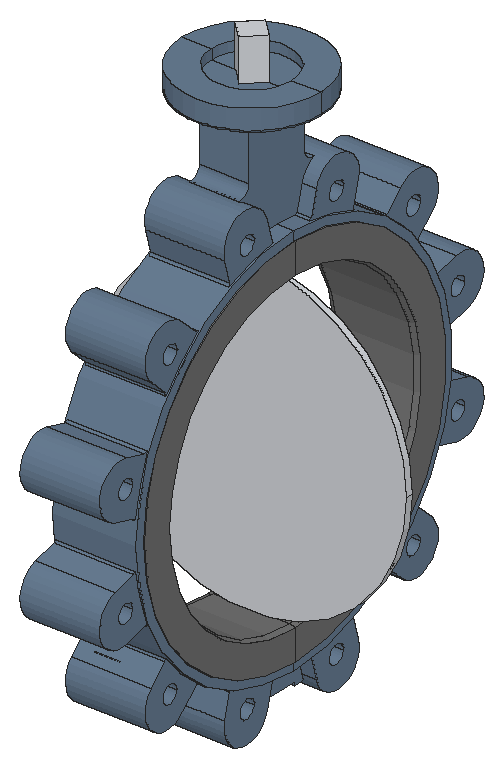
Revit family "Absperr- und Regulierklappe AF-4219", category Rohrzubehör, Revit 2021
Family settings
  Bemaßung runder Anschluss = Durchmesser verwenden
  Teiletyp = Unterbricht
  OmniClass-Nummer = 23.65.55.14
  OmniClass-Titel = Valves for Liquid Services
  Arbeitsebenenbasiert = Nein
  Immer vertikal = Ja
  Beim Laden mit Abzugskörper schneiden = Nein
  Gemeinsam genutzt = Nein
Parameters
  Vorgabe-Ansicht = 0.000 mm
  URL = "www.herz-armaturen.at"
  Spindel = "Edelstahl ASTM-A276 / Type 316"  # constant formula
  Schrauben [instance] = if(Nennweite = 50.000 mm, "4x M16x35", if(Nennweite = 65.000 mm, "4x M16x35", if(Nennweite = 80.000 mm, "8x M16x35", if(Nennweite = 100.000 mm, "8x M16x40", if(Nennweite = 125.000 mm, "8x M16x40", if(Nennweite = 150.000 mm, "8x M20x40", if(Nennweite = 200.000 mm, "12x M20x45", if(Nennweite = 250.000 mm, "12x M24x45", "12x M24x45"))))))))  # "12x M24x45"
  SCTWSEQ = "FW;SBT_TYP_FW=\"101\";2"
  SCTWCODE = "04;07;02"  # constant formula
  SCRNSEQ = "ARM;ARM_TYP=\"ALLF\";2"
  SCRNCODE = "05;13;02"  # constant formula
  R99 = 1.500 mm  # constant formula
  R02 [instance] = size_lookup("4219_AF_", "R2", 1.000 mm, Nennweite)  # 37.500 mm
  PN [instance] = size_lookup("4219_AF_", "PN", 16, Nennweite)  # 10
  O-Ring = "EPDM entsprechend ISO 1691"  # constant formula
  Min.Betriebstemperatur = "-20.00 °C bei entsprechender Wasser-Glycolmischung"  # constant formula
  Medium = "Ethylen- und Propyleneglykol kann in einem Mischungsverhältnis zwischen 25 - 50 vol. [%] verwendet werden."
  Max.Betriebstemperatur = 110 °C  # constant formula
  L05 [instance] = size_lookup("4219_AF_", "L5", 1.000 mm, Nennweite)  # 22.000 mm
  L04 [instance] = L01 - 3.500 mm  # 35.500 mm
  L03 [instance] = L01 + 1.500 mm  # 40.500 mm
  L02 [instance] = size_lookup("4219_AF_", "L2", 14.500 mm, Nennweite)  # 30.500 mm
  L01 [instance] = size_lookup("4219_AF_", "L1", 21.500 mm, Nennweite)  # 39.000 mm
  R01 [instance] = size_lookup("4219_AF_", "R1", 44.000 mm, Nennweite)  # 65.000 mm
  Nennweite [instance] = 300.000 mm
  Klappenscheibe = "Edelstahl 1.4408"  # constant formula
  Hersteller = "HERZ Armaturen Ges.m.b.H."  # constant formula
  Hebel DN50-150 = "Stahl, ST14.03"  # constant formula
  Hebel DN200-DN300 = "Stahl, S235 DIN2458/1626"  # constant formula
  H05 [instance] = size_lookup("4219_AF_", "H5", 1.000 mm, Nennweite) + H03  # 39.000 mm
  H04 [instance] = H01 - H03  # 299.000 mm
  H03 [instance] = size_lookup("4219_AF_", "H3", 1.000 mm, Nennweite)  # 9.000 mm
  H02 [instance] = size_lookup("4219_AF_", "H2", 13.000 mm, Nennweite)  # 20.000 mm
  H01 [instance] = size_lookup("4219_AF_", "H1", 125.000 mm, Nennweite)  # 308.000 mm
  Gewicht [instance] = size_lookup("4219_AF_", "Gewicht", 3.8, Nennweite)  # 37.6
  Gehäuseauskleidung = "EPDM entsprechend ISO 1691"  # constant formula
  Gehäuse = "GGG, GJS-400-15/JS1030, entsprechend EN1563"  # constant formula
  Drehmoment in NM [instance] = size_lookup("4219_AF_", "Nm", 20, Nennweite)  # 350
  DN80 [instance] = Nennweite = 80.000 mm  # no
  DN65 [instance] = Nennweite = 65.000 mm  # no
  DN50 [instance] = Nennweite = 50.000 mm  # no
  DN300 [instance] = Nennweite = 300.000 mm  # yes
  DN250 [instance] = Nennweite = 250.000 mm  # no
  DN200 [instance] = Nennweite = 200.000 mm  # no
  DN150 [instance] = Nennweite = 150.000 mm  # no
  DN125 [instance] = Nennweite = 125.000 mm  # no
  DN100 [instance] = Nennweite = 100.000 mm  # no
  D06 [instance] = size_lookup("4219_AF_", "D6", 25.300 mm, Nennweite)  # 146.500 mm
  D05 [instance] = size_lookup("4219_AF_", "D5", 24.500 mm, Nennweite)  # 145.000 mm
  D04 [instance] = D05 + 2.000 mm  # 147.000 mm
  D03 [instance] = size_lookup("4219_AF_", "D3", 35.500 mm, Nennweite)  # 167.500 mm
  D02 [instance] = size_lookup("4219_AF_", "D2", 41.000 mm, Nennweite)  # 175.000 mm
  D01 [instance] = size_lookup("4219_AF_", "D1", 47.000 mm, Nennweite)  # 183.000 mm
  Bestellnummer [instance] = size_lookup("4219_AF_", "Artnr", 421911, Nennweite)  # 1421939
  Anwendungsgebiet = "Geeignet für Flüssigkeiten in der Haustechnik, Kaltwasser, Heißwasser, etc."
  Anschlussflansch = "entsprechend EN1092-2"  # constant formula
Reference planes
  plane 1 "Mitte (Vorne/hinten)": y = 0
  plane 2: z = 0
  plane 3 "Mitte (Links/rechts)": x = 0
Forms (mm)
  Revolve 1, solid, material "Herz-Metall-blau", detail levels fine
    sketch origin (0, 0, 0) x (1, 0, 0) y (0, 0, 1)
      loop
        line (-30.5, 175) -> (-30.5, 167.5) -> (30.5, 167.5) -> (30.5, 175) -> (39, 175) -> (39, 183) -> (-39, 183) -> (-39, 175) -> (-30.5, 175)
      axis (-39, 0) -> (39, 0)
    angle from 0 to 360
  Revolve 2, solid, material "Herz-Metall-blau", detail levels fine
    sketch origin (0, 0, 0) x (1, 0, 0) y (0, 0, 1)
      loop
        line (-65, 308) -> (-65, 289.463)
        arc (-65, 289.463) -> (-64.673, 288.527) -> (-63.833, 288) r 1.5
        line (-63.833, 288) -> (0, 288) -> (0, 299) -> (-37.5, 299) -> (-37.5, 308) -> (-65, 308)
      axis (0, 308) -> (0, 288)
    angle from 0 to 360
  Extrusion 3, solid, material "Herz-Metall-blau", visible <- "DN50", detail levels fine
    sketch origin (0, 0, 0) x (0, 1, 0) y (0, 0, 1)
      loop
        line (56.215, -32.173) -> (43.95, -19.909)
        arc (43.95, -19.909) -> (43.387, -18.793) -> (43.596, -17.56) r 2
        arc (43.596, -17.56) -> (33.234, -33.234) -> (17.56, -43.596) r 47
        arc (17.56, -43.596) -> (18.793, -43.387) -> (19.909, -43.95) r 2
        line (19.909, -43.95) -> (32.173, -56.215)
        arc (32.173, -56.215) -> (56.215, -56.215) -> (56.215, -32.173) r 17
      loop
        arc (-56.215, -32.173) -> (-56.215, -56.215) -> (-32.173, -56.215) r 17
        line (-32.173, -56.215) -> (-19.909, -43.95)
        arc (-19.909, -43.95) -> (-18.793, -43.387) -> (-17.56, -43.596) r 2
        arc (-17.56, -43.596) -> (-33.234, -33.234) -> (-43.596, -17.56) r 47
        arc (-43.596, -17.56) -> (-43.387, -18.793) -> (-43.95, -19.909) r 2
        line (-43.95, -19.909) -> (-56.215, -32.173)
      loop
        arc (56.215, 32.173) -> (56.215, 56.215) -> (32.173, 56.215) r 17
        line (32.173, 56.215) -> (19.909, 43.95)
        arc (19.909, 43.95) -> (18.793, 43.387) -> (17.56, 43.596) r 2
        arc (17.56, 43.596) -> (33.234, 33.234) -> (43.596, 17.56) r 47
        arc (43.596, 17.56) -> (43.387, 18.793) -> (43.95, 19.909) r 2
        line (43.95, 19.909) -> (56.215, 32.173)
      loop
        line (-56.215, 32.173) -> (-43.95, 19.909)
        arc (-43.95, 19.909) -> (-43.387, 18.793) -> (-43.596, 17.56) r 2
        arc (-43.596, 17.56) -> (-33.234, 33.234) -> (-17.56, 43.596) r 47
        arc (-17.56, 43.596) -> (-18.793, 43.387) -> (-19.909, 43.95) r 2
        line (-19.909, 43.95) -> (-32.173, 56.215)
        arc (-32.173, 56.215) -> (-56.215, 56.215) -> (-56.215, 32.173) r 17
      loop
        circle (-44.194, 44.194) r 6.92
      loop
        circle (44.194, 44.194) r 6.92
      loop
        circle (44.194, -44.194) r 6.92
      loop
        circle (-44.194, -44.194) r 6.92
    from -19.5 to 19.5
  Extrusion 4, solid, material "Herz-Metall-blau", visible <- "DN50", detail levels fine
    sketch origin (0, 0, 0) x (0, 1, 0) y (0, 0, 1)
      loop
        line (20, 74.845) -> (20, 112) -> (-20, 112) -> (-20, 74.845)
        arc (-20, 74.845) -> (-26.046, 62.811) -> (-39.31, 60.477) r 15
        arc (-39.31, 60.477) -> (-35.477, 58.789) -> (-32.173, 56.215) r 17
        line (-32.173, 56.215) -> (-19.909, 43.95)
        arc (-19.909, 43.95) -> (-18.793, 43.387) -> (-17.56, 43.596) r 2
        arc (-17.56, 43.596) -> (0, 47) -> (17.56, 43.596) r 47
        arc (17.56, 43.596) -> (18.793, 43.387) -> (19.909, 43.95) r 2
        line (19.909, 43.95) -> (32.173, 56.215)
        arc (32.173, 56.215) -> (35.477, 58.789) -> (39.31, 60.477) r 17
        arc (39.31, 60.477) -> (26.046, 62.811) -> (20, 74.845) r 15
    from -15 to 15
  Extrusion 5, solid, material "Herz-Metall-blau", visible <- "DN50"
    sketch origin (0, 0, 0) x (0, 1, 0) y (0, 0, 1)
      loop
        arc (33.834, -58) -> (34.246, -58.062) -> (34.622, -58.243) r 1.4
        arc (34.622, -58.243) -> (33.35, -57.286) -> (32.173, -56.215) r 17
        line (32.173, -56.215) -> (19.909, -43.95)
        arc (19.909, -43.95) -> (18.793, -43.387) -> (17.56, -43.596) r 2
        arc (17.56, -43.596) -> (0, -47) -> (-17.56, -43.596) r 47
        arc (-17.56, -43.596) -> (-18.793, -43.387) -> (-19.909, -43.95) r 2
        line (-19.909, -43.95) -> (-32.173, -56.215)
        arc (-32.173, -56.215) -> (-33.35, -57.286) -> (-34.622, -58.243) r 17
        arc (-34.622, -58.243) -> (-34.246, -58.062) -> (-33.834, -58) r 1.4
        line (-33.834, -58) -> (-16.963, -58)
        arc (-16.963, -58) -> (-15.575, -58.575) -> (-15, -59.963) r 1.963
        line (-15, -59.963) -> (-15, -61) -> (15, -61) -> (15, -59.963)
        arc (15, -59.963) -> (15.575, -58.575) -> (16.963, -58) r 1.963
        line (16.963, -58) -> (33.834, -58)
    from -15 to 15
  Revolve 6, solid, material "Gummi", detail levels fine
    sketch origin (-134.5, 0, 0) x (1, 0, 0) y (0, 0, 1)
      loop
        line (94, 175) -> (94, 147) -> (99, 145) -> (170, 145) -> (175, 147) -> (175, 175) -> (165, 175) -> (165, 167.5) -> (104, 167.5) -> (104, 175) -> (94, 175)
      axis (94, 0) -> (175, 0)
    angle from 0 to 360
  Extrusion 7, solid, detail levels fine
    sketch origin (0, 0, 0) x (1, 0, 0) y (0, 0, 1)
      loop
        circle (0, 0) r 146.5
    from -2.5 to 2.5
  Extrusion 8, solid, material "Herz-Metall-blau", visible <- "DN65", detail levels fine
    sketch origin (0, -300, 0) x (0, 1, 0) y (0, 0, 1)
      loop
        circle (351.265, 51.265) r 6.92
      loop
        arc (363.286, 39.244) -> (363.286, 63.286) -> (339.244, 63.286) r 17
        line (339.244, 63.286) -> (328.595, 52.636)
        arc (328.595, 52.636) -> (327.499, 52.076) -> (326.282, 52.264) r 2
        arc (326.282, 52.264) -> (341.366, 41.366) -> (352.264, 26.282) r 58.501
        arc (352.264, 26.282) -> (352.087, 27.51) -> (352.656, 28.614) r 2.038
        line (352.656, 28.614) -> (363.286, 39.244)
      loop
        circle (351.265, -51.265) r 6.92
      loop
        line (363.286, -39.244) -> (352.656, -28.614)
        arc (352.656, -28.614) -> (352.087, -27.51) -> (352.264, -26.282) r 2.038
        arc (352.264, -26.282) -> (341.366, -41.366) -> (326.282, -52.264) r 58.501
        arc (326.282, -52.264) -> (327.499, -52.076) -> (328.595, -52.636) r 2
        line (328.595, -52.636) -> (339.244, -63.286)
        arc (339.244, -63.286) -> (363.286, -63.286) -> (363.286, -39.244) r 17
      loop
        circle (248.735, 51.265) r 6.92
      loop
        line (236.714, 39.244) -> (247.344, 28.614)
        arc (247.344, 28.614) -> (247.913, 27.51) -> (247.736, 26.282) r 2.038
        arc (247.736, 26.282) -> (258.634, 41.366) -> (273.718, 52.264) r 58.501
        arc (273.718, 52.264) -> (272.501, 52.076) -> (271.405, 52.636) r 2
        line (271.405, 52.636) -> (260.756, 63.286)
        arc (260.756, 63.286) -> (236.714, 63.286) -> (236.714, 39.244) r 17
      loop
        circle (248.735, -51.265) r 6.92
      loop
        arc (236.714, -39.244) -> (236.714, -63.286) -> (260.756, -63.286) r 17
        line (260.756, -63.286) -> (271.405, -52.636)
        arc (271.405, -52.636) -> (272.501, -52.076) -> (273.718, -52.264) r 2
        arc (273.718, -52.264) -> (258.634, -41.366) -> (247.736, -26.282) r 58.501
        arc (247.736, -26.282) -> (247.913, -27.51) -> (247.344, -28.614) r 2.038
        line (247.344, -28.614) -> (236.714, -39.244)
    from -21 to 21
  Extrusion 9, solid, material "Herz-Metall-blau", visible <- "DN65", detail levels fine
    sketch origin (0, -300, 0) x (0, 1, 0) y (0, 0, 1)
      loop
        line (278, 136.5) -> (278, 78.286)
        arc (278, 78.286) -> (272.889, 69.099) -> (263, 65.53) r 14.984
        line (263, 65.53) -> (257.982, 65.53)
        arc (257.982, 65.53) -> (259.428, 64.481) -> (260.756, 63.286) r 17
        line (260.756, 63.286) -> (271.405, 52.636)
        arc (271.405, 52.636) -> (272.501, 52.076) -> (273.718, 52.264) r 2
        arc (273.718, 52.264) -> (300, 58.5) -> (326.282, 52.264) r 58.5
        arc (326.282, 52.264) -> (327.499, 52.076) -> (328.595, 52.636) r 2
        line (328.595, 52.636) -> (339.244, 63.286)
        arc (339.244, 63.286) -> (340.572, 64.481) -> (342.018, 65.53) r 17
        line (342.018, 65.53) -> (337, 65.53)
        arc (337, 65.53) -> (327.111, 69.099) -> (322, 78.286) r 14.984
        line (322, 78.286) -> (322, 136.5) -> (278, 136.5)
      loop
        arc (260.756, -63.286) -> (259.428, -64.481) -> (257.982, -65.53) r 17
        line (257.982, -65.53) -> (280.029, -65.53)
        arc (280.029, -65.53) -> (281.423, -66.108) -> (282, -67.501) r 1.971
        line (282, -67.501) -> (282, -74) -> (318, -74) -> (318, -67.527)
        arc (318, -67.527) -> (318.585, -66.115) -> (319.997, -65.53) r 1.997
        line (319.997, -65.53) -> (342.018, -65.53)
        arc (342.018, -65.53) -> (340.572, -64.481) -> (339.244, -63.286) r 17
        line (339.244, -63.286) -> (328.595, -52.636)
        arc (328.595, -52.636) -> (327.499, -52.076) -> (326.282, -52.264) r 2
        arc (326.282, -52.264) -> (300, -58.5) -> (273.718, -52.264) r 58.5
        arc (273.718, -52.264) -> (272.501, -52.076) -> (271.405, -52.636) r 2
        line (271.405, -52.636) -> (260.756, -63.286)
    from -18 to 18
  Extrusion 10, solid, material "Herz-Metall-blau", visible <- "DN80", detail levels fine
    sketch origin (0, -300, 0) x (0, 1, 0) y (0, 0, 1)
      loop
        circle (269.385, 73.91) r 6.92
      loop
        arc (285.091, 80.416) -> (262.88, 89.616) -> (253.679, 67.405) r 17
        line (253.679, 67.405) -> (259.513, 53.322)
        arc (259.513, 53.322) -> (259.602, 52.073) -> (258.924, 51.02) r 1.982
        arc (258.924, 51.02) -> (274.934, 60.514) -> (292.968, 65.121) r 65.5
        arc (292.968, 65.121) -> (291.745, 65.388) -> (290.924, 66.335) r 1.984
        line (290.924, 66.335) -> (285.091, 80.416)
      loop
        circle (226.09, 30.615) r 6.92
      loop
        line (219.584, 14.909) -> (233.665, 9.076)
        arc (233.665, 9.076) -> (234.612, 8.255) -> (234.879, 7.032) r 1.984
        arc (234.879, 7.032) -> (239.486, 25.066) -> (248.98, 41.076) r 65.5
        arc (248.98, 41.076) -> (247.927, 40.398) -> (246.678, 40.487) r 1.982
        line (246.678, 40.487) -> (232.595, 46.321)
        arc (232.595, 46.321) -> (210.384, 37.12) -> (219.584, 14.909) r 17
      loop
        circle (269.385, -73.91) r 6.92
      loop
        line (285.091, -80.416) -> (290.924, -66.335)
        arc (290.924, -66.335) -> (291.745, -65.388) -> (292.968, -65.121) r 1.984
        arc (292.968, -65.121) -> (274.934, -60.514) -> (258.924, -51.02) r 65.5
        arc (258.924, -51.02) -> (259.602, -52.073) -> (259.513, -53.322) r 1.982
        line (259.513, -53.322) -> (253.679, -67.405)
        arc (253.679, -67.405) -> (262.88, -89.616) -> (285.091, -80.416) r 17
      loop
        circle (226.09, -30.615) r 6.92
      loop
        arc (219.584, -14.909) -> (210.384, -37.12) -> (232.595, -46.321) r 17
        line (232.595, -46.321) -> (246.678, -40.487)
        arc (246.678, -40.487) -> (247.927, -40.398) -> (248.98, -41.076) r 1.982
        arc (248.98, -41.076) -> (239.486, -25.066) -> (234.879, -7.032) r 65.5
        arc (234.879, -7.032) -> (234.612, -8.255) -> (233.665, -9.076) r 1.984
        line (233.665, -9.076) -> (219.584, -14.909)
      loop
        circle (330.615, 73.91) r 6.92
      loop
        line (314.909, 80.416) -> (309.076, 66.335)
        arc (309.076, 66.335) -> (308.255, 65.388) -> (307.032, 65.121) r 1.984
        arc (307.032, 65.121) -> (325.066, 60.514) -> (341.076, 51.02) r 65.5
        arc (341.076, 51.02) -> (340.398, 52.073) -> (340.487, 53.322) r 1.982
        line (340.487, 53.322) -> (346.321, 67.405)
        arc (346.321, 67.405) -> (337.12, 89.616) -> (314.909, 80.416) r 17
      loop
        circle (373.91, 30.615) r 6.92
      loop
        arc (380.416, 14.909) -> (389.616, 37.12) -> (367.405, 46.321) r 17
        line (367.405, 46.321) -> (353.322, 40.487)
        arc (353.322, 40.487) -> (352.073, 40.398) -> (351.02, 41.076) r 1.982
        arc (351.02, 41.076) -> (360.514, 25.066) -> (365.121, 7.032) r 65.5
        arc (365.121, 7.032) -> (365.388, 8.255) -> (366.335, 9.076) r 1.984
        line (366.335, 9.076) -> (380.416, 14.909)
      loop
        circle (330.615, -73.91) r 6.92
      loop
        arc (314.909, -80.416) -> (337.12, -89.616) -> (346.321, -67.405) r 17
        line (346.321, -67.405) -> (340.487, -53.322)
        arc (340.487, -53.322) -> (340.398, -52.073) -> (341.076, -51.02) r 1.982
        arc (341.076, -51.02) -> (325.066, -60.514) -> (307.032, -65.121) r 65.5
        arc (307.032, -65.121) -> (308.255, -65.388) -> (309.076, -66.335) r 1.984
        line (309.076, -66.335) -> (314.909, -80.416)
      loop
        circle (373.91, -30.615) r 6.92
      loop
        line (380.416, -14.909) -> (366.335, -9.076)
        arc (366.335, -9.076) -> (365.388, -8.255) -> (365.121, -7.032) r 1.984
        arc (365.121, -7.032) -> (360.514, -25.066) -> (351.02, -41.076) r 65.5
        arc (351.02, -41.076) -> (352.073, -40.398) -> (353.322, -40.487) r 1.982
        line (353.322, -40.487) -> (367.405, -46.321)
        arc (367.405, -46.321) -> (389.616, -37.12) -> (380.416, -14.909) r 17
    from -21 to 21
  Extrusion 11, solid, material "Herz-Metall-blau", visible <- "DN80", detail levels fine
    sketch origin (0, -300, 0) x (0, 1, 0) y (0, 0, 1)
      loop
        line (278, 143.5) -> (278, 100.814)
        arc (278, 100.814) -> (275.545, 94.251) -> (269.385, 90.91) r 10
        arc (269.385, 90.91) -> (278.83, 88.045) -> (285.091, 80.416) r 17
        line (285.091, 80.416) -> (290.924, 66.335)
        arc (290.924, 66.335) -> (291.744, 65.388) -> (292.968, 65.121) r 1.984
        arc (292.968, 65.121) -> (300, 65.497) -> (307.032, 65.121) r 66.05
        arc (307.032, 65.121) -> (308.256, 65.388) -> (309.076, 66.335) r 1.984
        line (309.076, 66.335) -> (314.909, 80.416)
        arc (314.909, 80.416) -> (321.17, 88.045) -> (330.615, 90.91) r 17
        arc (330.615, 90.91) -> (324.455, 94.251) -> (322, 100.814) r 10
        line (322, 100.814) -> (322, 143.5) -> (278, 143.5)
      loop
        line (285.091, -80.416) -> (286.5, -80.946) -> (313.5, -80.946) -> (314.89, -80.371) -> (309.076, -66.335)
        arc (309.076, -66.335) -> (308.256, -65.388) -> (307.032, -65.121) r 1.984
        arc (307.032, -65.121) -> (300, -65.497) -> (292.968, -65.121) r 66.05
        arc (292.968, -65.121) -> (291.744, -65.388) -> (290.924, -66.335) r 1.984
        line (290.924, -66.335) -> (285.091, -80.416)
    from -18.5 to 18.5
  Extrusion 12, solid, material "Herz-Metall-blau", visible <- "DN100", detail levels fine
    sketch origin (0, -300, 0) x (0, 1, 0) y (0, 0, 1)
      loop
        circle (265.558, 83.149) r 6.92
      loop
        arc (281.264, 89.655) -> (259.053, 98.855) -> (249.853, 76.644) r 17
        line (249.853, 76.644) -> (255.731, 62.451)
        arc (255.731, 62.451) -> (255.813, 61.14) -> (255.074, 60.055) r 2.025
        arc (255.074, 60.055) -> (271.3, 69.291) -> (289.305, 74.233) r 75
        arc (289.305, 74.233) -> (288.012, 74.478) -> (287.142, 75.464) r 2.027
        line (287.142, 75.464) -> (281.264, 89.655)
      loop
        circle (216.851, 34.442) r 6.92
      loop
        line (210.345, 18.736) -> (224.536, 12.858)
        arc (224.536, 12.858) -> (225.522, 11.988) -> (225.767, 10.695) r 2.027
        arc (225.767, 10.695) -> (230.709, 28.7) -> (239.945, 44.926) r 75
        arc (239.945, 44.926) -> (238.86, 44.187) -> (237.549, 44.269) r 2.025
        line (237.549, 44.269) -> (223.356, 50.147)
        arc (223.356, 50.147) -> (201.145, 40.947) -> (210.345, 18.736) r 17
      loop
        circle (265.558, -83.149) r 6.92
      loop
        line (281.264, -89.655) -> (287.142, -75.464)
        arc (287.142, -75.464) -> (288.012, -74.478) -> (289.305, -74.233) r 2.027
        arc (289.305, -74.233) -> (271.3, -69.291) -> (255.074, -60.055) r 75
        arc (255.074, -60.055) -> (255.813, -61.14) -> (255.731, -62.451) r 2.025
        line (255.731, -62.451) -> (249.853, -76.644)
        arc (249.853, -76.644) -> (259.053, -98.855) -> (281.264, -89.655) r 17
      loop
        circle (216.851, -34.442) r 6.92
      loop
        arc (210.345, -18.736) -> (201.145, -40.947) -> (223.356, -50.147) r 17
        line (223.356, -50.147) -> (237.549, -44.269)
        arc (237.549, -44.269) -> (238.86, -44.187) -> (239.945, -44.926) r 2.025
        arc (239.945, -44.926) -> (230.709, -28.7) -> (225.767, -10.695) r 75
        arc (225.767, -10.695) -> (225.522, -11.988) -> (224.536, -12.858) r 2.027
        line (224.536, -12.858) -> (210.345, -18.736)
      loop
        circle (334.442, 83.149) r 6.92
      loop
        line (318.736, 89.655) -> (312.858, 75.464)
        arc (312.858, 75.464) -> (311.988, 74.478) -> (310.695, 74.233) r 2.027
        arc (310.695, 74.233) -> (328.7, 69.291) -> (344.926, 60.055) r 75
        arc (344.926, 60.055) -> (344.187, 61.14) -> (344.269, 62.451) r 2.025
        line (344.269, 62.451) -> (350.147, 76.644)
        arc (350.147, 76.644) -> (340.947, 98.855) -> (318.736, 89.655) r 17
      loop
        circle (383.149, 34.442) r 6.92
      loop
        arc (389.655, 18.736) -> (398.855, 40.947) -> (376.644, 50.147) r 17
        line (376.644, 50.147) -> (362.451, 44.269)
        arc (362.451, 44.269) -> (361.14, 44.187) -> (360.055, 44.926) r 2.025
        arc (360.055, 44.926) -> (369.291, 28.7) -> (374.233, 10.695) r 75
        arc (374.233, 10.695) -> (374.478, 11.988) -> (375.464, 12.858) r 2.027
        line (375.464, 12.858) -> (389.655, 18.736)
      loop
        circle (334.442, -83.149) r 6.92
      loop
        arc (318.736, -89.655) -> (340.947, -98.855) -> (350.147, -76.644) r 17
        line (350.147, -76.644) -> (344.269, -62.451)
        arc (344.269, -62.451) -> (344.187, -61.14) -> (344.926, -60.055) r 2.025
        arc (344.926, -60.055) -> (328.7, -69.291) -> (310.695, -74.233) r 75
        arc (310.695, -74.233) -> (311.988, -74.478) -> (312.858, -75.464) r 2.027
        line (312.858, -75.464) -> (318.736, -89.655)
      loop
        circle (383.149, -34.442) r 6.92
      loop
        line (389.655, -18.736) -> (375.464, -12.858)
        arc (375.464, -12.858) -> (374.478, -11.988) -> (374.233, -10.695) r 2.027
        arc (374.233, -10.695) -> (369.291, -28.7) -> (360.055, -44.926) r 75
        arc (360.055, -44.926) -> (361.14, -44.187) -> (362.451, -44.269) r 2.025
        line (362.451, -44.269) -> (376.644, -50.147)
        arc (376.644, -50.147) -> (398.855, -40.947) -> (389.655, -18.736) r 17
    from -24 to 24
  Extrusion 13, solid, material "Herz-Metall-blau", visible <- "DN100", detail levels fine
    sketch origin (0, -300, 0) x (0, 1, 0) y (0, 0, 1)
      loop
        line (274, 167) -> (274, 114.47)
        arc (274, 114.47) -> (270.644, 105.014) -> (262.078, 99.789) r 15
        arc (262.078, 99.789) -> (273.498, 98.181) -> (281.264, 89.655) r 17
        line (281.264, 89.655) -> (287.142, 75.464)
        arc (287.142, 75.464) -> (288.012, 74.478) -> (289.305, 74.233) r 2.027
        arc (289.305, 74.233) -> (300, 75) -> (310.695, 74.233) r 75
        arc (310.695, 74.233) -> (311.988, 74.478) -> (312.858, 75.464) r 2.027
        line (312.858, 75.464) -> (318.736, 89.655)
        arc (318.736, 89.655) -> (326.502, 98.181) -> (337.922, 99.789) r 17
        arc (337.922, 99.789) -> (329.356, 105.014) -> (326, 114.47) r 15
        line (326, 114.47) -> (326, 167) -> (274, 167)
      loop
        line (286.5, -93) -> (313.5, -93) -> (313.5, -96) -> (323.312, -96)
        arc (323.312, -96) -> (320.654, -93.094) -> (318.736, -89.655) r 17
        line (318.736, -89.655) -> (312.858, -75.464)
        arc (312.858, -75.464) -> (311.988, -74.478) -> (310.695, -74.233) r 2.027
        arc (310.695, -74.233) -> (300, -75) -> (289.305, -74.233) r 75
        arc (289.305, -74.233) -> (288.012, -74.478) -> (287.142, -75.464) r 2.027
        line (287.142, -75.464) -> (281.264, -89.655)
        arc (281.264, -89.655) -> (279.346, -93.094) -> (276.688, -96) r 17
        line (276.688, -96) -> (286.5, -96) -> (286.5, -93)
    from -18 to 18
  Extrusion 14, solid, material "Herz-Metall-blau", visible <- "DN125", detail levels fine
    sketch origin (0, -300, 0) x (0, 1, 0) y (0, 0, 1)
      loop
        circle (259.818, 97.007) r 6.92
      loop
        arc (275.524, 103.513) -> (253.313, 112.713) -> (244.112, 90.502) r 17
        line (244.112, 90.502) -> (249.217, 78.179)
        arc (249.217, 78.179) -> (249.286, 76.825) -> (248.485, 75.731) r 2.023
        arc (248.485, 75.731) -> (264.902, 84.594) -> (282.772, 89.957) r 91.852
        arc (282.772, 89.957) -> (281.505, 90.18) -> (280.649, 91.141) r 1.958
        line (280.649, 91.141) -> (275.524, 103.513)
      loop
        circle (202.993, 40.182) r 6.92
      loop
        line (196.487, 24.476) -> (208.859, 19.351)
        arc (208.859, 19.351) -> (209.82, 18.495) -> (210.043, 17.228) r 1.958
        arc (210.043, 17.228) -> (215.406, 35.098) -> (224.269, 51.515) r 91.852
        arc (224.269, 51.515) -> (223.175, 50.714) -> (221.821, 50.783) r 2.023
        line (221.821, 50.783) -> (209.498, 55.888)
        arc (209.498, 55.888) -> (187.287, 46.687) -> (196.487, 24.476) r 17
      loop
        circle (259.818, -97.007) r 6.92
      loop
        line (275.524, -103.513) -> (280.649, -91.141)
        arc (280.649, -91.141) -> (281.505, -90.18) -> (282.772, -89.957) r 1.958
        arc (282.772, -89.957) -> (264.902, -84.594) -> (248.485, -75.731) r 91.852
        arc (248.485, -75.731) -> (249.286, -76.825) -> (249.217, -78.179) r 2.023
        line (249.217, -78.179) -> (244.112, -90.502)
        arc (244.112, -90.502) -> (253.313, -112.713) -> (275.524, -103.513) r 17
      loop
        circle (202.993, -40.182) r 6.92
      loop
        arc (196.487, -24.476) -> (187.287, -46.687) -> (209.498, -55.888) r 17
        line (209.498, -55.888) -> (221.821, -50.783)
        arc (221.821, -50.783) -> (223.175, -50.714) -> (224.269, -51.515) r 2.023
        arc (224.269, -51.515) -> (215.406, -35.098) -> (210.043, -17.228) r 91.852
        arc (210.043, -17.228) -> (209.82, -18.495) -> (208.859, -19.351) r 1.958
        line (208.859, -19.351) -> (196.487, -24.476)
      loop
        circle (340.182, 97.007) r 6.92
      loop
        line (324.476, 103.513) -> (319.351, 91.141)
        arc (319.351, 91.141) -> (318.495, 90.18) -> (317.228, 89.957) r 1.958
        arc (317.228, 89.957) -> (335.098, 84.594) -> (351.515, 75.731) r 91.852
        arc (351.515, 75.731) -> (350.714, 76.825) -> (350.783, 78.179) r 2.023
        line (350.783, 78.179) -> (355.888, 90.502)
        arc (355.888, 90.502) -> (346.687, 112.713) -> (324.476, 103.513) r 17
      loop
        circle (397.007, 40.182) r 6.92
      loop
        arc (403.513, 24.476) -> (412.713, 46.687) -> (390.502, 55.888) r 17
        line (390.502, 55.888) -> (378.179, 50.783)
        arc (378.179, 50.783) -> (376.825, 50.714) -> (375.731, 51.515) r 2.023
        arc (375.731, 51.515) -> (384.594, 35.098) -> (389.957, 17.228) r 91.852
        arc (389.957, 17.228) -> (390.18, 18.495) -> (391.141, 19.351) r 1.958
        line (391.141, 19.351) -> (403.513, 24.476)
      loop
        circle (340.182, -97.007) r 6.92
      loop
        arc (324.476, -103.513) -> (346.687, -112.713) -> (355.888, -90.502) r 17
        line (355.888, -90.502) -> (350.783, -78.179)
        arc (350.783, -78.179) -> (350.714, -76.825) -> (351.515, -75.731) r 2.023
        arc (351.515, -75.731) -> (335.098, -84.594) -> (317.228, -89.957) r 91.852
        arc (317.228, -89.957) -> (318.495, -90.18) -> (319.351, -91.141) r 1.958
        line (319.351, -91.141) -> (324.476, -103.513)
      loop
        circle (397.007, -40.182) r 6.92
      loop
        line (403.513, -24.476) -> (391.141, -19.351)
        arc (391.141, -19.351) -> (390.18, -18.495) -> (389.957, -17.228) r 1.958
        arc (389.957, -17.228) -> (384.594, -35.098) -> (375.731, -51.515) r 91.852
        arc (375.731, -51.515) -> (376.825, -50.714) -> (378.179, -50.783) r 2.023
        line (378.179, -50.783) -> (390.502, -55.888)
        arc (390.502, -55.888) -> (412.713, -46.687) -> (403.513, -24.476) r 17
    from -26 to 26
  Extrusion 15, solid, material "Herz-Metall-blau", visible <- "DN125", detail levels fine
    sketch origin (0, -300, 0) x (0, 1, 0) y (0, 0, 1)
      loop
        line (273.999, 186) -> (273.95, 123.689)
        arc (273.95, 123.689) -> (270.458, 116.096) -> (262.42, 113.807) r 10
        arc (262.42, 113.807) -> (270.32, 110.376) -> (275.524, 103.513) r 17
        line (275.524, 103.513) -> (280.649, 91.141)
        arc (280.649, 91.141) -> (281.528, 90.167) -> (282.825, 89.967) r 1.958
        arc (282.825, 89.967) -> (299.999, 91.589) -> (317.173, 89.967) r 91.7
        arc (317.173, 89.967) -> (318.469, 90.167) -> (319.348, 91.141) r 1.958
        line (319.348, 91.141) -> (324.473, 103.513)
        arc (324.473, 103.513) -> (329.677, 110.376) -> (337.577, 113.807) r 17
        arc (337.577, 113.807) -> (329.539, 116.096) -> (325.999, 123.689) r 10
        line (325.999, 123.689) -> (325.999, 186) -> (273.999, 186)
      loop
        line (286.499, -110.51) -> (313.499, -110.51) -> (313.499, -113.51) -> (336.099, -113.51)
        arc (336.099, -113.51) -> (329.095, -109.897) -> (324.473, -103.513) r 17
        line (324.473, -103.513) -> (319.348, -91.141)
        arc (319.348, -91.141) -> (318.469, -90.167) -> (317.173, -89.967) r 1.958
        arc (317.173, -89.967) -> (299.999, -91.589) -> (282.825, -89.967) r 91.7
        arc (282.825, -89.967) -> (281.528, -90.167) -> (280.649, -91.141) r 1.958
        line (280.649, -91.141) -> (275.524, -103.513)
        arc (275.524, -103.513) -> (270.902, -109.897) -> (263.898, -113.51) r 17
        line (263.898, -113.51) -> (286.499, -113.51) -> (286.499, -110.51)
    from -18 to 18
  Extrusion 16, solid, material "Herz-Metall-blau", visible <- "DN150", detail levels fine
    sketch origin (0, -300, 0) x (0, 1, 0) y (0, 0, 1)
      loop
        circle (254.078, 110.866) r 8.645
      loop
        arc (273.479, 118.902) -> (246.042, 130.267) -> (234.677, 102.829) r 21
        line (234.677, 102.829) -> (241.591, 86.136)
        arc (241.591, 86.136) -> (241.664, 84.82) -> (240.899, 83.746) r 1.993
        arc (240.899, 83.746) -> (260.776, 94.698) -> (282.575, 101.008) r 102.504
        arc (282.575, 101.008) -> (281.263, 101.248) -> (280.379, 102.246) r 2.042
        line (280.379, 102.246) -> (273.479, 118.902)
      loop
        circle (189.134, 45.922) r 8.645
      loop
        line (181.098, 26.521) -> (197.754, 19.621)
        arc (197.754, 19.621) -> (198.752, 18.737) -> (198.992, 17.425) r 2.042
        arc (198.992, 17.425) -> (205.302, 39.224) -> (216.254, 59.101) r 102.504
        arc (216.254, 59.101) -> (215.18, 58.336) -> (213.864, 58.409) r 1.993
        line (213.864, 58.409) -> (197.171, 65.323)
        arc (197.171, 65.323) -> (169.733, 53.958) -> (181.098, 26.521) r 21
      loop
        circle (254.078, -110.866) r 8.645
      loop
        line (273.479, -118.902) -> (280.379, -102.246)
        arc (280.379, -102.246) -> (281.263, -101.248) -> (282.575, -101.008) r 2.042
        arc (282.575, -101.008) -> (260.776, -94.698) -> (240.899, -83.746) r 102.504
        arc (240.899, -83.746) -> (241.664, -84.82) -> (241.591, -86.136) r 1.993
        line (241.591, -86.136) -> (234.677, -102.829)
        arc (234.677, -102.829) -> (246.042, -130.267) -> (273.479, -118.902) r 21
      loop
        circle (189.134, -45.922) r 8.645
      loop
        arc (181.098, -26.521) -> (169.733, -53.958) -> (197.171, -65.323) r 21
        line (197.171, -65.323) -> (213.864, -58.409)
        arc (213.864, -58.409) -> (215.18, -58.336) -> (216.254, -59.101) r 1.993
        arc (216.254, -59.101) -> (205.302, -39.224) -> (198.992, -17.425) r 102.504
        arc (198.992, -17.425) -> (198.752, -18.737) -> (197.754, -19.621) r 2.042
        line (197.754, -19.621) -> (181.098, -26.521)
      loop
        circle (345.922, 110.866) r 8.645
      loop
        line (326.521, 118.902) -> (319.621, 102.246)
        arc (319.621, 102.246) -> (318.737, 101.248) -> (317.425, 101.008) r 2.042
        arc (317.425, 101.008) -> (339.224, 94.698) -> (359.101, 83.746) r 102.504
        arc (359.101, 83.746) -> (358.336, 84.82) -> (358.409, 86.136) r 1.993
        line (358.409, 86.136) -> (365.323, 102.829)
        arc (365.323, 102.829) -> (353.958, 130.267) -> (326.521, 118.902) r 21
      loop
        circle (410.866, 45.922) r 8.645
      loop
        arc (418.902, 26.521) -> (430.267, 53.958) -> (402.829, 65.323) r 21
        line (402.829, 65.323) -> (386.136, 58.409)
        arc (386.136, 58.409) -> (384.82, 58.336) -> (383.746, 59.101) r 1.993
        arc (383.746, 59.101) -> (394.698, 39.224) -> (401.008, 17.425) r 102.504
        arc (401.008, 17.425) -> (401.248, 18.737) -> (402.246, 19.621) r 2.042
        line (402.246, 19.621) -> (418.902, 26.521)
      loop
        circle (345.922, -110.866) r 8.645
      loop
        arc (326.521, -118.902) -> (353.958, -130.267) -> (365.323, -102.829) r 21
        line (365.323, -102.829) -> (358.409, -86.136)
        arc (358.409, -86.136) -> (358.336, -84.82) -> (359.101, -83.746) r 1.993
        arc (359.101, -83.746) -> (339.224, -94.698) -> (317.425, -101.008) r 102.504
        arc (317.425, -101.008) -> (318.737, -101.248) -> (319.621, -102.246) r 2.042
        line (319.621, -102.246) -> (326.521, -118.902)
      loop
        circle (410.866, -45.922) r 8.645
      loop
        line (418.902, -26.521) -> (402.246, -19.621)
        arc (402.246, -19.621) -> (401.248, -18.737) -> (401.008, -17.425) r 2.042
        arc (401.008, -17.425) -> (394.698, -39.224) -> (383.746, -59.101) r 102.504
        arc (383.746, -59.101) -> (384.82, -58.336) -> (386.136, -58.409) r 1.993
        line (386.136, -58.409) -> (402.829, -65.323)
        arc (402.829, -65.323) -> (430.267, -53.958) -> (418.902, -26.521) r 21
    from -26 to 26
  Extrusion 17, solid, material "Herz-Metall-blau", visible <- "DN150", detail levels fine
    sketch origin (0, -300, 0) x (0, 1, 0) y (0, 0, 1)
      loop
        line (274, 199) -> (274, 135)
        arc (274, 135) -> (272.527, 129.776) -> (268.541, 126.091) r 10
        arc (268.541, 126.091) -> (271.388, 122.755) -> (273.479, 118.902) r 21
        line (273.479, 118.902) -> (280.379, 102.246)
        arc (280.379, 102.246) -> (281.28, 101.239) -> (282.612, 101.014) r 2.042
        arc (282.612, 101.014) -> (300, 102.5) -> (317.388, 101.014) r 102.5
        arc (317.388, 101.014) -> (318.72, 101.239) -> (319.621, 102.246) r 2.042
        line (319.621, 102.246) -> (326.521, 118.902)
        arc (326.521, 118.902) -> (328.612, 122.755) -> (331.459, 126.091) r 21
        arc (331.459, 126.091) -> (327.473, 129.776) -> (326, 135) r 10
        line (326, 135) -> (326, 199) -> (274, 199)
      loop
        line (286.5, -122.5) -> (313.5, -122.5) -> (313.5, -125.5) -> (330.861, -125.5)
        arc (330.861, -125.5) -> (328.378, -122.407) -> (326.521, -118.902) r 21
        line (326.521, -118.902) -> (319.621, -102.246)
        arc (319.621, -102.246) -> (318.72, -101.239) -> (317.388, -101.014) r 2.042
        arc (317.388, -101.014) -> (300, -102.5) -> (282.612, -101.014) r 102.5
        arc (282.612, -101.014) -> (281.28, -101.239) -> (280.379, -102.246) r 2.042
        line (280.379, -102.246) -> (273.479, -118.902)
        arc (273.479, -118.902) -> (271.622, -122.407) -> (269.139, -125.5) r 21
        line (269.139, -125.5) -> (286.5, -125.5) -> (286.5, -122.5)
    from -18 to 18
  Extrusion 18, solid, material "Herz-Metall-blau", visible <- "DN200", detail levels fine
    sketch origin (0, -400, 0) x (0, 1, 0) y (0, 0, 1)
      loop
        circle (361.824, 142.474) r 8.645
      loop
        arc (382.109, 147.909) -> (356.389, 162.759) -> (341.54, 137.039) r 21
        line (341.54, 137.039) -> (345.801, 121.136)
        arc (345.801, 121.136) -> (345.679, 119.74) -> (344.688, 118.75) r 2.048
        arc (344.688, 118.75) -> (366.062, 126.527) -> (388.459, 130.491) r 131
        arc (388.459, 130.491) -> (387.159, 130.838) -> (386.388, 131.939) r 1.965
        line (386.388, 131.939) -> (382.109, 147.909)
      loop
        circle (257.526, 38.176) r 8.645
      loop
        line (252.091, 17.891) -> (268.061, 13.612)
        arc (268.061, 13.612) -> (269.162, 12.841) -> (269.509, 11.541) r 1.965
        arc (269.509, 11.541) -> (273.473, 33.938) -> (281.25, 55.312) r 131
        arc (281.25, 55.312) -> (280.26, 54.321) -> (278.864, 54.199) r 2.048
        line (278.864, 54.199) -> (262.961, 58.46)
        arc (262.961, 58.46) -> (237.241, 43.611) -> (252.091, 17.891) r 21
      loop
        circle (295.702, 104.298) r 8.645
      loop
        line (280.853, 89.449) -> (292.543, 77.758)
        arc (292.543, 77.758) -> (293.111, 76.539) -> (292.762, 75.24) r 1.965
        arc (292.762, 75.24) -> (307.393, 92.655) -> (324.816, 107.277) r 131
        arc (324.816, 107.277) -> (323.463, 106.914) -> (322.193, 107.506) r 2.048
        line (322.193, 107.506) -> (310.551, 119.147)
        arc (310.551, 119.147) -> (280.853, 119.147) -> (280.853, 89.449) r 21
      loop
        circle (361.824, -142.474) r 8.645
      loop
        line (382.109, -147.909) -> (386.388, -131.939)
        arc (386.388, -131.939) -> (387.159, -130.838) -> (388.459, -130.491) r 1.965
        arc (388.459, -130.491) -> (366.062, -126.527) -> (344.688, -118.75) r 131
        arc (344.688, -118.75) -> (345.679, -119.74) -> (345.801, -121.136) r 2.048
        line (345.801, -121.136) -> (341.54, -137.039)
        arc (341.54, -137.039) -> (356.389, -162.759) -> (382.109, -147.909) r 21
      loop
        circle (257.526, -38.176) r 8.645
      loop
        arc (252.091, -17.891) -> (237.241, -43.611) -> (262.961, -58.46) r 21
        line (262.961, -58.46) -> (278.864, -54.199)
        arc (278.864, -54.199) -> (280.26, -54.321) -> (281.25, -55.312) r 2.048
        arc (281.25, -55.312) -> (273.473, -33.938) -> (269.509, -11.541) r 131
        arc (269.509, -11.541) -> (269.162, -12.841) -> (268.061, -13.612) r 1.965
        line (268.061, -13.612) -> (252.091, -17.891)
      loop
        circle (295.702, -104.298) r 8.645
      loop
        arc (280.853, -89.449) -> (280.853, -119.147) -> (310.551, -119.147) r 21
        line (310.551, -119.147) -> (322.193, -107.506)
        arc (322.193, -107.506) -> (323.463, -106.914) -> (324.816, -107.277) r 2.048
        arc (324.816, -107.277) -> (307.393, -92.655) -> (292.762, -75.24) r 131
        arc (292.762, -75.24) -> (293.111, -76.539) -> (292.543, -77.758) r 1.965
        line (292.543, -77.758) -> (280.853, -89.449)
      loop
        circle (438.176, 142.474) r 8.645
      loop
        line (417.891, 147.909) -> (413.612, 131.939)
        arc (413.612, 131.939) -> (412.841, 130.838) -> (411.541, 130.491) r 1.965
        arc (411.541, 130.491) -> (433.938, 126.527) -> (455.312, 118.75) r 131
        arc (455.312, 118.75) -> (454.321, 119.74) -> (454.199, 121.136) r 2.048
        line (454.199, 121.136) -> (458.46, 137.039)
        arc (458.46, 137.039) -> (443.611, 162.759) -> (417.891, 147.909) r 21
      loop
        circle (542.474, 38.176) r 8.645
      loop
        arc (547.909, 17.891) -> (562.759, 43.611) -> (537.039, 58.46) r 21
        line (537.039, 58.46) -> (521.136, 54.199)
        arc (521.136, 54.199) -> (519.74, 54.321) -> (518.75, 55.312) r 2.048
        arc (518.75, 55.312) -> (526.527, 33.938) -> (530.491, 11.541) r 131
        arc (530.491, 11.541) -> (530.838, 12.841) -> (531.939, 13.612) r 1.965
        line (531.939, 13.612) -> (547.909, 17.891)
      loop
        circle (504.298, 104.298) r 8.645
      loop
        arc (519.147, 89.449) -> (519.147, 119.147) -> (489.449, 119.147) r 21
        line (489.449, 119.147) -> (477.807, 107.506)
        arc (477.807, 107.506) -> (476.537, 106.914) -> (475.184, 107.277) r 2.048
        arc (475.184, 107.277) -> (492.607, 92.655) -> (507.238, 75.24) r 131
        arc (507.238, 75.24) -> (506.889, 76.539) -> (507.457, 77.758) r 1.965
        line (507.457, 77.758) -> (519.147, 89.449)
      loop
        circle (438.176, -142.474) r 8.645
      loop
        arc (417.891, -147.909) -> (443.611, -162.759) -> (458.46, -137.039) r 21
        line (458.46, -137.039) -> (454.199, -121.136)
        arc (454.199, -121.136) -> (454.321, -119.74) -> (455.312, -118.75) r 2.048
        arc (455.312, -118.75) -> (433.938, -126.527) -> (411.541, -130.491) r 131
        arc (411.541, -130.491) -> (412.841, -130.838) -> (413.612, -131.939) r 1.965
        line (413.612, -131.939) -> (417.891, -147.909)
      loop
        circle (542.474, -38.176) r 8.645
      loop
        line (547.909, -17.891) -> (531.939, -13.612)
        arc (531.939, -13.612) -> (530.838, -12.841) -> (530.491, -11.541) r 1.965
        arc (530.491, -11.541) -> (526.527, -33.938) -> (518.75, -55.312) r 131
        arc (518.75, -55.312) -> (519.74, -54.321) -> (521.136, -54.199) r 2.048
        line (521.136, -54.199) -> (537.039, -58.46)
        arc (537.039, -58.46) -> (562.759, -43.611) -> (547.909, -17.891) r 21
      loop
        circle (504.298, -104.298) r 8.645
      loop
        line (519.147, -89.449) -> (507.457, -77.758)
        arc (507.457, -77.758) -> (506.889, -76.539) -> (507.238, -75.24) r 1.965
        arc (507.238, -75.24) -> (492.607, -92.655) -> (475.184, -107.277) r 131
        arc (475.184, -107.277) -> (476.537, -106.914) -> (477.807, -107.506) r 2.048
        line (477.807, -107.506) -> (489.449, -119.147)
        arc (489.449, -119.147) -> (519.147, -119.147) -> (519.147, -89.449) r 21
    from -28 to 28
  Extrusion 19, solid, material "Herz-Metall-blau", visible <- "DN200", detail levels fine
    sketch origin (0, -400, 0) x (0, 1, 0) y (0, 0, 1)
      loop
        arc (411.541, 130.491) -> (412.841, 130.838) -> (413.612, 131.939) r 1.965
        line (413.612, 131.939) -> (417.891, 147.909)
        arc (417.891, 147.909) -> (422.597, 156.556) -> (430.727, 162.108) r 21
        arc (430.727, 162.108) -> (428.869, 162.334) -> (428, 163.99) r 2.013
        line (428, 163.99) -> (428, 230) -> (372, 230) -> (372, 163.99)
        arc (372, 163.99) -> (371.131, 162.334) -> (369.273, 162.108) r 2.013
        arc (369.273, 162.108) -> (377.403, 156.556) -> (382.109, 147.909) r 21
        line (382.109, 147.909) -> (386.388, 131.939)
        arc (386.388, 131.939) -> (387.159, 130.838) -> (388.459, 130.491) r 1.965
        arc (388.459, 130.491) -> (400, 131) -> (411.541, 130.491) r 131
      loop
        arc (411.541, -130.491) -> (400, -131) -> (388.459, -130.491) r 131
        arc (388.459, -130.491) -> (387.159, -130.838) -> (386.388, -131.939) r 1.965
        line (386.388, -131.939) -> (382.109, -147.909)
        arc (382.109, -147.909) -> (381.328, -150.259) -> (380.276, -152.5) r 21
        line (380.276, -152.5) -> (419.724, -152.5)
        arc (419.724, -152.5) -> (418.672, -150.259) -> (417.891, -147.909) r 21
        line (417.891, -147.909) -> (413.612, -131.939)
        arc (413.612, -131.939) -> (412.841, -130.838) -> (411.541, -130.491) r 1.965
    from -20 to 20
  Extrusion 20, solid, material "Herz-Metall-blau", visible <- "DN250", detail levels fine
    sketch origin (0, -500, 0) x (0, 1, 0) y (0, 0, 1)
      loop
        circle (454.707, 169.037) r 8.645
      loop
        arc (478.208, 177.922) -> (447.589, 195.6) -> (429.911, 164.981) r 25
        line (429.911, 164.981) -> (435.025, 145.897)
        arc (435.025, 145.897) -> (434.902, 144.5) -> (433.907, 143.512) r 2.044
        arc (433.907, 143.512) -> (458.94, 152.587) -> (485.142, 157.329) r 158
        arc (485.142, 157.329) -> (483.991, 157.793) -> (483.322, 158.837) r 2.043
        line (483.322, 158.837) -> (478.208, 177.922)
      loop
        circle (376.468, 123.866) r 8.645
      loop
        line (357.022, 107.956) -> (370.994, 93.984)
        arc (370.994, 93.984) -> (371.563, 92.882) -> (371.39, 91.654) r 2.043
        arc (371.39, 91.654) -> (388.597, 111.974) -> (408.973, 129.116) r 158
        arc (408.973, 129.116) -> (407.62, 128.749) -> (406.348, 129.34) r 2.044
        line (406.348, 129.34) -> (392.378, 143.311)
        arc (392.378, 143.311) -> (357.022, 143.311) -> (357.022, 107.956) r 25
      loop
        circle (331.268, 45.598) r 8.645
      loop
        line (322.382, 22.097) -> (341.468, 16.983)
        arc (341.468, 16.983) -> (342.512, 16.313) -> (342.976, 15.163) r 2.043
        arc (342.976, 15.163) -> (347.718, 41.365) -> (356.793, 66.398) r 158
        arc (356.793, 66.398) -> (355.804, 65.403) -> (354.408, 65.28) r 2.044
        line (354.408, 65.28) -> (335.323, 70.393)
        arc (335.323, 70.393) -> (304.705, 52.716) -> (322.382, 22.097) r 25
      loop
        circle (454.707, -169.037) r 8.645
      loop
        line (478.208, -177.922) -> (483.322, -158.837)
        arc (483.322, -158.837) -> (483.991, -157.793) -> (485.142, -157.329) r 2.043
        arc (485.142, -157.329) -> (458.94, -152.587) -> (433.907, -143.512) r 158
        arc (433.907, -143.512) -> (434.902, -144.5) -> (435.025, -145.897) r 2.044
        line (435.025, -145.897) -> (429.911, -164.981)
        arc (429.911, -164.981) -> (447.589, -195.6) -> (478.208, -177.922) r 25
      loop
        circle (376.468, -123.866) r 8.645
      loop
        arc (357.022, -107.956) -> (357.022, -143.311) -> (392.378, -143.311) r 25
        line (392.378, -143.311) -> (406.348, -129.34)
        arc (406.348, -129.34) -> (407.62, -128.749) -> (408.973, -129.116) r 2.044
        arc (408.973, -129.116) -> (388.597, -111.974) -> (371.39, -91.654) r 158
        arc (371.39, -91.654) -> (371.563, -92.882) -> (370.994, -93.984) r 2.043
        line (370.994, -93.984) -> (357.022, -107.956)
      loop
        circle (331.268, -45.598) r 8.645
      loop
        arc (322.382, -22.097) -> (304.705, -52.716) -> (335.323, -70.393) r 25
        line (335.323, -70.393) -> (354.408, -65.28)
        arc (354.408, -65.28) -> (355.804, -65.403) -> (356.793, -66.398) r 2.044
        arc (356.793, -66.398) -> (347.718, -41.365) -> (342.976, -15.163) r 158
        arc (342.976, -15.163) -> (342.512, -16.313) -> (341.468, -16.983) r 2.043
        line (341.468, -16.983) -> (322.382, -22.097)
      loop
        circle (545.128, 169.037) r 8.645
      loop
        line (521.626, 177.922) -> (516.513, 158.837)
        arc (516.513, 158.837) -> (515.843, 157.793) -> (514.693, 157.329) r 2.043
        arc (514.693, 157.329) -> (540.894, 152.587) -> (565.927, 143.512) r 158
        arc (565.927, 143.512) -> (564.933, 144.5) -> (564.809, 145.897) r 2.044
        line (564.809, 145.897) -> (569.923, 164.981)
        arc (569.923, 164.981) -> (552.245, 195.6) -> (521.626, 177.922) r 25
      loop
        circle (623.367, 123.866) r 8.645
      loop
        arc (642.812, 107.956) -> (642.812, 143.311) -> (607.457, 143.311) r 25
        line (607.457, 143.311) -> (593.486, 129.34)
        arc (593.486, 129.34) -> (592.215, 128.749) -> (590.862, 129.116) r 2.044
        arc (590.862, 129.116) -> (611.237, 111.974) -> (628.444, 91.654) r 158
        arc (628.444, 91.654) -> (628.271, 92.882) -> (628.841, 93.984) r 2.043
        line (628.841, 93.984) -> (642.812, 107.956)
      loop
        circle (668.567, 45.598) r 8.645
      loop
        arc (677.452, 22.097) -> (695.13, 52.716) -> (664.511, 70.393) r 25
        line (664.511, 70.393) -> (645.426, 65.28)
        arc (645.426, 65.28) -> (644.03, 65.403) -> (643.042, 66.398) r 2.044
        arc (643.042, 66.398) -> (652.116, 41.365) -> (656.858, 15.163) r 158
        arc (656.858, 15.163) -> (657.323, 16.313) -> (658.367, 16.983) r 2.043
        line (658.367, 16.983) -> (677.452, 22.097)
      loop
        circle (545.128, -169.037) r 8.645
      loop
        arc (521.626, -177.922) -> (552.245, -195.6) -> (569.923, -164.981) r 25
        line (569.923, -164.981) -> (564.809, -145.897)
        arc (564.809, -145.897) -> (564.933, -144.5) -> (565.927, -143.512) r 2.044
        arc (565.927, -143.512) -> (540.894, -152.587) -> (514.693, -157.329) r 158
        arc (514.693, -157.329) -> (515.843, -157.793) -> (516.513, -158.837) r 2.043
        line (516.513, -158.837) -> (521.626, -177.922)
      loop
        circle (623.367, -123.866) r 8.645
      loop
        line (642.812, -107.956) -> (628.841, -93.984)
        arc (628.841, -93.984) -> (628.271, -92.882) -> (628.444, -91.654) r 2.043
        arc (628.444, -91.654) -> (611.237, -111.974) -> (590.862, -129.116) r 158
        arc (590.862, -129.116) -> (592.215, -128.749) -> (593.486, -129.34) r 2.044
        line (593.486, -129.34) -> (607.457, -143.311)
        arc (607.457, -143.311) -> (642.812, -143.311) -> (642.812, -107.956) r 25
      loop
        circle (668.567, -45.598) r 8.645
      loop
        line (677.452, -22.097) -> (658.367, -16.983)
        arc (658.367, -16.983) -> (657.323, -16.313) -> (656.858, -15.163) r 2.043
        arc (656.858, -15.163) -> (652.116, -41.365) -> (643.042, -66.398) r 158
        arc (643.042, -66.398) -> (644.03, -65.403) -> (645.426, -65.28) r 2.044
        line (645.426, -65.28) -> (664.511, -70.393)
        arc (664.511, -70.393) -> (695.13, -52.716) -> (677.452, -22.097) r 25
    from -32 to 32
  Extrusion 21, solid, material "Herz-Metall-blau", visible <- "DN250", detail levels fine
    sketch origin (0, -500, 0) x (0, 1, 0) y (0, 0, 1)
      loop
        line (467.917, 263) -> (467.917, 195.639)
        arc (467.917, 195.639) -> (466.995, 193.978) -> (465.097, 193.884) r 1.957
        arc (465.097, 193.884) -> (473.378, 187.32) -> (478.208, 177.922) r 25
        line (478.208, 177.922) -> (483.33, 158.808)
        arc (483.33, 158.808) -> (483.997, 157.776) -> (485.142, 157.329) r 2
        arc (485.142, 157.329) -> (499.917, 158.021) -> (514.693, 157.329) r 158
        arc (514.693, 157.329) -> (515.837, 157.776) -> (516.505, 158.808) r 2
        line (516.505, 158.808) -> (521.626, 177.922)
        arc (521.626, 177.922) -> (526.456, 187.32) -> (534.737, 193.884) r 25
        arc (534.737, 193.884) -> (532.84, 193.978) -> (531.917, 195.639) r 1.957
        line (531.917, 195.639) -> (531.917, 263) -> (467.917, 263)
      loop
        line (478.917, -192.479) -> (520.917, -192.479) -> (520.917, -195.479) -> (538.868, -195.479)
        arc (538.868, -195.479) -> (527.938, -188.969) -> (521.626, -177.922) r 25
        line (521.626, -177.922) -> (516.505, -158.808)
        arc (516.505, -158.808) -> (515.837, -157.776) -> (514.693, -157.329) r 2
        arc (514.693, -157.329) -> (499.917, -158.021) -> (485.142, -157.329) r 158
        arc (485.142, -157.329) -> (483.997, -157.776) -> (483.33, -158.808) r 2
        line (483.33, -158.808) -> (478.208, -177.922)
        arc (478.208, -177.922) -> (471.897, -188.969) -> (460.966, -195.479) r 25
        line (460.966, -195.479) -> (478.917, -195.479) -> (478.917, -192.479)
    from -23 to 23
  Extrusion 22, solid, material "Herz-Metall-blau", visible <- "DN300", detail levels fine
    sketch origin (0, -600, 0) x (0, 1, 0) y (0, 0, 1)
      loop
        circle (548.236, 193.185) r 8.645
      loop
        arc (571.09, 204.485) -> (540.472, 222.163) -> (522.794, 191.544) r 25
        line (522.794, 191.544) -> (528.48, 170.323)
        arc (528.48, 170.323) -> (528.348, 168.926) -> (527.336, 167.955) r 2.013
        arc (527.336, 167.955) -> (552.476, 176.732) -> (578.624, 181.768) r 183
        arc (578.624, 181.768) -> (577.466, 182.19) -> (576.788, 183.22) r 1.96
        line (576.788, 183.22) -> (571.09, 204.485)
      loop
        circle (458.579, 141.421) r 8.645
      loop
        line (437.365, 127.279) -> (452.933, 111.712)
        arc (452.933, 111.712) -> (453.486, 110.61) -> (453.272, 109.396) r 1.96
        arc (453.272, 109.396) -> (470.707, 129.523) -> (490.879, 146.906) r 183
        arc (490.879, 146.906) -> (489.531, 146.515) -> (488.256, 147.1) r 2.013
        line (488.256, 147.1) -> (472.721, 162.635)
        arc (472.721, 162.635) -> (437.365, 162.635) -> (437.365, 127.279) r 25
      loop
        circle (406.815, 51.764) r 8.645
      loop
        line (395.515, 28.91) -> (416.78, 23.212)
        arc (416.78, 23.212) -> (417.81, 22.534) -> (418.232, 21.376) r 1.96
        arc (418.232, 21.376) -> (423.268, 47.524) -> (432.045, 72.664) r 183
        arc (432.045, 72.664) -> (431.074, 71.652) -> (429.677, 71.52) r 2.013
        line (429.677, 71.52) -> (408.456, 77.206)
        arc (408.456, 77.206) -> (377.837, 59.528) -> (395.515, 28.91) r 25
      loop
        circle (548.236, -193.185) r 8.645
      loop
        line (571.09, -204.485) -> (576.788, -183.22)
        arc (576.788, -183.22) -> (577.466, -182.19) -> (578.624, -181.768) r 1.96
        arc (578.624, -181.768) -> (552.476, -176.732) -> (527.336, -167.955) r 183
        arc (527.336, -167.955) -> (528.348, -168.926) -> (528.48, -170.323) r 2.013
        line (528.48, -170.323) -> (522.794, -191.544)
        arc (522.794, -191.544) -> (540.472, -222.163) -> (571.09, -204.485) r 25
      loop
        circle (458.579, -141.421) r 8.645
      loop
        arc (437.365, -127.279) -> (437.365, -162.635) -> (472.721, -162.635) r 25
        line (472.721, -162.635) -> (488.256, -147.1)
        arc (488.256, -147.1) -> (489.531, -146.515) -> (490.879, -146.906) r 2.013
        arc (490.879, -146.906) -> (470.707, -129.523) -> (453.272, -109.396) r 183
        arc (453.272, -109.396) -> (453.486, -110.61) -> (452.933, -111.712) r 1.96
        line (452.933, -111.712) -> (437.365, -127.279)
      loop
        circle (406.815, -51.764) r 8.645
      loop
        arc (395.515, -28.91) -> (377.837, -59.528) -> (408.456, -77.206) r 25
        line (408.456, -77.206) -> (429.677, -71.52)
        arc (429.677, -71.52) -> (431.074, -71.652) -> (432.045, -72.664) r 2.013
        arc (432.045, -72.664) -> (423.268, -47.524) -> (418.232, -21.376) r 183
        arc (418.232, -21.376) -> (417.81, -22.534) -> (416.78, -23.212) r 1.96
        line (416.78, -23.212) -> (395.515, -28.91)
      loop
        circle (651.764, 193.185) r 8.645
      loop
        line (628.91, 204.485) -> (623.212, 183.22)
        arc (623.212, 183.22) -> (622.534, 182.19) -> (621.376, 181.768) r 1.96
        arc (621.376, 181.768) -> (647.524, 176.732) -> (672.664, 167.955) r 183
        arc (672.664, 167.955) -> (671.652, 168.926) -> (671.52, 170.323) r 2.013
        line (671.52, 170.323) -> (677.206, 191.544)
        arc (677.206, 191.544) -> (659.528, 222.163) -> (628.91, 204.485) r 25
      loop
        circle (741.421, 141.421) r 8.645
      loop
        arc (762.635, 127.279) -> (762.635, 162.635) -> (727.279, 162.635) r 25
        line (727.279, 162.635) -> (711.744, 147.1)
        arc (711.744, 147.1) -> (710.469, 146.515) -> (709.121, 146.906) r 2.013
        arc (709.121, 146.906) -> (729.293, 129.523) -> (746.728, 109.396) r 183
        arc (746.728, 109.396) -> (746.514, 110.61) -> (747.067, 111.712) r 1.96
        line (747.067, 111.712) -> (762.635, 127.279)
      loop
        circle (793.185, 51.764) r 8.645
      loop
        arc (804.485, 28.91) -> (822.163, 59.528) -> (791.544, 77.206) r 25
        line (791.544, 77.206) -> (770.323, 71.52)
        arc (770.323, 71.52) -> (768.926, 71.652) -> (767.955, 72.664) r 2.013
        arc (767.955, 72.664) -> (776.732, 47.524) -> (781.768, 21.376) r 183
        arc (781.768, 21.376) -> (782.19, 22.534) -> (783.22, 23.212) r 1.96
        line (783.22, 23.212) -> (804.485, 28.91)
      loop
        circle (651.764, -193.185) r 8.645
      loop
        arc (628.91, -204.485) -> (659.528, -222.163) -> (677.206, -191.544) r 25
        line (677.206, -191.544) -> (671.52, -170.323)
        arc (671.52, -170.323) -> (671.652, -168.926) -> (672.664, -167.955) r 2.013
        arc (672.664, -167.955) -> (647.524, -176.732) -> (621.376, -181.768) r 183
        arc (621.376, -181.768) -> (622.534, -182.19) -> (623.212, -183.22) r 1.96
        line (623.212, -183.22) -> (628.91, -204.485)
      loop
        circle (741.421, -141.421) r 8.645
      loop
        line (762.635, -127.279) -> (747.067, -111.712)
        arc (747.067, -111.712) -> (746.514, -110.61) -> (746.728, -109.396) r 1.96
        arc (746.728, -109.396) -> (729.293, -129.523) -> (709.121, -146.906) r 183
        arc (709.121, -146.906) -> (710.469, -146.515) -> (711.744, -147.1) r 2.013
        line (711.744, -147.1) -> (727.279, -162.635)
        arc (727.279, -162.635) -> (762.635, -162.635) -> (762.635, -127.279) r 25
      loop
        circle (793.185, -51.764) r 8.645
      loop
        line (804.485, -28.91) -> (783.22, -23.212)
        arc (783.22, -23.212) -> (782.19, -22.534) -> (781.768, -21.376) r 1.96
        arc (781.768, -21.376) -> (776.732, -47.524) -> (767.955, -72.664) r 183
        arc (767.955, -72.664) -> (768.926, -71.652) -> (770.323, -71.52) r 2.013
        line (770.323, -71.52) -> (791.544, -77.206)
        arc (791.544, -77.206) -> (822.163, -59.528) -> (804.485, -28.91) r 25
    from -37 to 37
  Extrusion 23, solid, material "Herz-Metall-blau", visible <- "DN300", detail levels fine
    sketch origin (0, -600, 0) x (0, 1, 0) y (0, 0, 1)
      loop
        line (568, 288) -> (568, 231)
        arc (568, 231) -> (564.523, 223.42) -> (556.509, 221.112) r 10
        arc (556.509, 221.112) -> (565.738, 214.498) -> (571.09, 204.485) r 25
        line (571.09, 204.485) -> (576.788, 183.22)
        arc (576.788, 183.22) -> (577.483, 182.176) -> (578.668, 181.767) r 1.96
        arc (578.668, 181.767) -> (600, 183.015) -> (621.332, 181.767) r 183.015
        arc (621.332, 181.767) -> (622.517, 182.176) -> (623.212, 183.22) r 1.96
        line (623.212, 183.22) -> (628.91, 204.485)
        arc (628.91, 204.485) -> (634.262, 214.498) -> (643.491, 221.112) r 25
        arc (643.491, 221.112) -> (635.477, 223.42) -> (632, 231) r 10
        line (632, 231) -> (632, 288) -> (568, 288)
      loop
        arc (571.09, -204.485) -> (570.056, -207.54) -> (568.638, -210.436) r 25
        line (568.638, -210.436) -> (579, -210.436) -> (579, -207.436) -> (621, -207.436) -> (621, -210.436) -> (631.362, -210.436)
        arc (631.362, -210.436) -> (629.944, -207.54) -> (628.91, -204.485) r 25
        line (628.91, -204.485) -> (623.212, -183.22)
        arc (623.212, -183.22) -> (622.517, -182.176) -> (621.332, -181.767) r 1.96
        arc (621.332, -181.767) -> (600, -183.015) -> (578.668, -181.767) r 183.015
        arc (578.668, -181.767) -> (577.483, -182.176) -> (576.788, -183.22) r 1.96
        line (576.788, -183.22) -> (571.09, -204.485)
    from -23 to 23
  Extrusion 24, solid, detail levels fine
    sketch origin (0, 0, 0) x (1, 0, 0) y (0, 1, 0)
      loop
        line (0, -15.556) -> (15.556, 0) -> (0, 15.556) -> (-15.556, 0) -> (0, -15.556)
    from 299 to 338
Lines and regions (mm)
  model lines, detail levels coarse+medium
    curve 1: line (39, -183, 0) -> (-39, -183, 0)
    curve 2: line (-39, -183, 0) -> (-39, 183, 0)
    curve 3: line (-39, 183, 0) -> (39, 183, 0)
    curve 4: line (39, 183, 0) -> (39, -183, 0)
